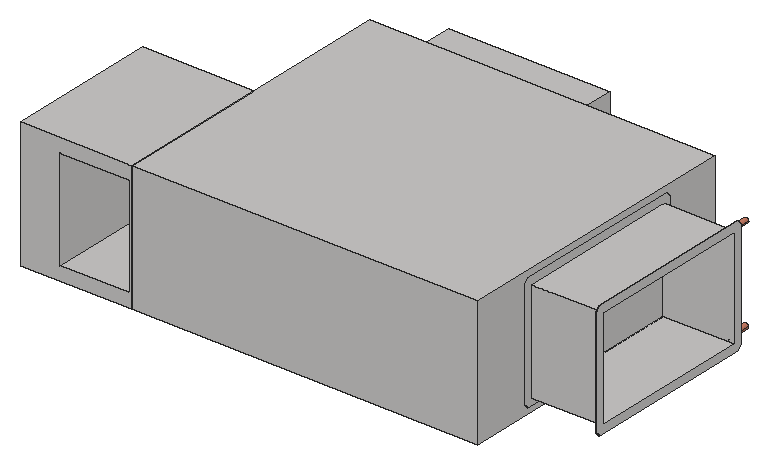
Revit family
Parameters
  Width = 3' - 1"
  Voltage = 120 V
  Unit Weight = if(and(Size Option = 1, Number of Rows = 1), "189.0 lbs", if(and(Size Option = 1, Number of Rows = 2), "192.0 lbs", if(and(Size Option = 2, Number of Rows = 1), "194.0 lbs", if(and(Size Option = 2, Number of Rows = 2), "197.0 lbs", "0"))))  # "194.0 lbs"
  UltraLoc Liner = Choose Liner Option = 3  # no
  URL = "http://www.titus-hvac.com/"
  UL = "181"
  Supply Air Flow [instance] = 0 CFM
  SteriLoc Liner = Choose Liner Option = 2  # no
  Size Option = 2
  Size C = Size Option = 2  # yes
  Size B = Size Option = 1  # no
  Secondary Material = Copper Connectors
  Primary Air Pressure Drop [instance] = 0.00 in-wg
  Primary Air Flow [instance] = 0 CFM
  Pressure [instance] = 0.00 psi
  Plenum Air Pressure Drop [instance] = 0.00 in-wg
  Plenum Air Flow [instance] = 0 CFM
  Outlet Width = 1' - 8 1/2"
  Outlet Height = 1' - 0 1/2"
  Number of Rows = 1
  Number of Poles = 1
  Nominal Width = Width + 0' 6 1/4"  # 3' - 7 1/4"
  Nominal Length = Length + 1' 1 7/8" + 0' 9"  # 5' - 5 7/8"
  Nominal Inlet Size = 0' - 10"
  Nominal Height = 1' - 4"
  NFPA = "90A"
  Motor Full Load Amps [instance] = 4 A
  Model = "DTFS-F"
  Min. Air Flow = 0 CFM
  Max. Air Flow = 1400 CFM
  Material = Galvanized Steel
  Manufacturer = "Titus"
  Length = 3' - 7"
  Juction Box Offset = 0' - 4 7/8"
  Inlet Diameter = Nominal Inlet Size - 0' 0 1/8"  # 0' - 9 7/8"
  Induced Air Inlet Width = 1' - 1 7/8"
  Induced Air Inlet Offset = (Height - Induced Air Inlet Connection Height) / 2  # 0' - 1 11/16"
  Induced Air Inlet Height = 1' - 7"
  Induced Air Inlet Connection Width = 0' - 8 3/4"
  Induced Air Inlet Connection Height = 1' - 0 5/8"
  Induced Air Filter = no
  Height = 1' - 4"
  Heating Total Capacity [instance] = 0 Btu/h
  Heating Entering Water Temp = 0 °F
  Half Outlet Connection Width = Outlet Width / 2  # 0' - 10 1/4"
  Half Outlet Connection Height = Outlet Height / 2  # 0' - 6 1/4"
  Half Height Start = -(Height / 2)  # -0' - 8"
  Half Height End = Height / 2  # 0' - 8"
  HWC Option = HWC Section : B-C - 1 Row
  HWC Connector Radius = 5/16"
  HP-Motor = "1/4"
  Gallons Per Minute [instance] = 0 GPM
  Frequency = 60 Hz
  Flange Offset = 0' - 1"
  Filter Size = "11\"x14\""
  Fiber Free Liner = Choose Liner Option = 1  # no
  Fan Disconnect Switch = no
  Duct Radius = Nominal Inlet Size / 2  # 0' - 5"
  Description = "Ultra Quiet Series Fan Powered Terminal Unit, Direct Digital Control, Pressure Independent"
  Connector Vertical Offset = 0' - 11 3/4"
  HWC Connector Length = 0' - 3"
  Connector Horizontal Offset = if(Number of Rows = 1, 0' 0", if(Number of Rows = 2, 0' 1", 0' 0"))  # 0' - 0"
  Connection Void Radius = Connection Radius - 0' 0 1/4"  # 0' - 4 11/16"
  Connection Radius = Inlet Diameter / 2  # 0' - 4 15/16"
  Choose Liner Option = 0
  CADworks URL = "www.CADworks.net"
  Assembly Code = "D3040100"
  Apparent Power [instance] = Voltage * Motor Full Load Amps  # 480 VA
  Air Inlet Offset = 0' - 7"
  1/2" Fiberglass Liner = Choose Liner Option = 0  # yes
  1" Fiberglass Liner = Choose Liner Option = 4  # no
Reference planes (in)
  plane 1 "Center (Front/Back)": y = 0
  plane 2: z = 0
  plane 3 "Center (Left/Right)": x = 3
  plane 4: x = -18.5
  plane 5: x = 24.5
  plane 6: x = -13.625
  plane 7: x = -21.875
  plane 8: z = 0
  plane 9: y = -18.5
  plane 10: y = 18.5
  plane 11: y = 11.5
  plane 12: z = 0
  plane 13: x = 33.5
  plane 14: x = 32.5
  plane 15: y = 13.25
  plane 16: y = 10.25
  plane 17: z = 5.875
  plane 18: z = -5.875
  plane 19: x = 32.5
  plane 20: y = 24.75
  plane 21: x = -32.375
  plane 22: z = 8
  plane 23: z = -8
Forms (in)
  Extrusion 1, solid, material "Galvanized Steel" <- "Material"
    sketch origin (0, 0, 0) x (1, 0, 0) y (0, 1, 0)
      loop
        line (-18.5, 18.5) -> (-18.5, -18.5) -> (24.5, -18.5) -> (24.5, 18.5) -> (-18.5, 18.5)
    from -8 <- "Half Height Start" to 8 <- "Half Height End"
  Extrusion 2, solid, material "Galvanized Steel" <- "Material"
    sketch origin (0, 0, 0) x (1, 0, 0) y (0, 1, 0)
      loop
        line (-32.375, 0.5) -> (-32.375, -18.5) -> (-18.5, -18.5) -> (-18.5, 0.5) -> (-32.375, 0.5)
    from -8 <- "Half Height Start" to 8 <- "Half Height End"
  Extrusion 3, void
    sketch origin (0, -18.5, 0) x (1, 0, 0) y (0, 0, -1)
      loop
        line (-18.75, 6.3125) -> (-27.5, 6.3125) -> (-27.5, -6.3125) -> (-18.75, -6.3125) -> (-18.75, 6.3125)
    from 0 to 16
  Extrusion 4, solid, material "Galvanized Steel" <- "Material"
    sketch origin (5, 0, 30) x (1, 0, 0) y (0, 1, 0)
      loop
        line (-18.625, 18.5) -> (1.375, 18.5) -> (1.375, 24.75) -> (-18.625, 24.75) -> (-18.625, 18.5)
    from -36 to -24
  Extrusion 5, solid, material "Galvanized Steel" <- "Material"
    sketch origin (-24.875, -2, 0) x (0, 0, -1) y (0, 1, 0)
      loop
        circle (0, 13.5) r 4.9375
    from 3 to 6.375
  Extrusion 6, void
    sketch origin (-24.875, 0, 0) x (0, 1, 0) y (0, 0, 1)
      loop
        circle (11.5, 0) r 4.6875
    from 3 to 11.25
  Extrusion 7, void, detail levels fine
    sketch origin (33.5, -10.25, 6.25) x (0, 0, 1) y (0, -1, 0)
      loop
        line (-12.5, 0) -> (-12.5, -20.5) -> (0, -20.5) -> (0, 0) -> (-12.5, 0)
    from -0.0625 to 0
  Extrusion 8, solid, material "Copper Connectors" <- "Secondary Material", detail levels fine
    sketch origin (0, 0, 0) x (1, 0, 0) y (0, 0, 1)
      loop
        circle (32.5, 5.875) r 0.3125
    from -13.25 to -10.3125
  Extrusion 9, solid, material "Copper Connectors" <- "Secondary Material", detail levels fine
    sketch origin (0, 0, 0) x (1, 0, 0) y (0, 0, 1)
      loop
        circle (32.5, -5.875) r 0.3125
    from -13.25 to -10.3125
Cuts and joins
  Extrusion 3 cuts Extrusion 2
  Extrusion 6 cuts Extrusion 1
  Extrusion 6 cuts Extrusion 5
Dimensions and locks (in)
  "Length": plane 5 to plane 4
  equal spacing: plane 5, plane 3 "Center (Left/Right)", plane 4
  locked: Extrusion 4 to plane 6 at 0
  locked: Extrusion 4 to Extrusion 4 at 20
  "Juction Box Offset": plane 6 to plane 4
  locked: plane 4 to plane 7 at 3.375
  "Width": plane 9 to plane 10
  equal spacing: plane 9, plane 1 "Center (Front/Back)", plane 10
  locked: Extrusion 5 sketch curve to level at 0
  locked: Extrusion 5 sketch curve to plane 11 at 0
  locked: Extrusion 6 sketch curve to level at 0
  locked: Extrusion 6 sketch curve to plane 11 at 0
  locked: Extrusion 4 to Extrusion 4 at 6.25
  locked: Extrusion 4 to Extrusion 4 at 12
  equal spacing: Extrusion 4, plane 8, Extrusion 4
  "Air Inlet Offset": plane 10 to plane 11
  "Induced Air Inlet Height": cut or joined group of Extrusion 2, Extrusion 3 to cut or joined group of Extrusion 2, Extrusion 3
  locked: cut or joined group of Extrusion 5, Extrusion 6 to cut or joined group of Extrusion 5, Extrusion 6 at 3.375
  "Induced Air Inlet Connection Height": Extrusion 3 sketch curve to Extrusion 3 sketch curve
  "Induced Air Inlet Offset": Extrusion 3 sketch curve to cut or joined group of Extrusion 2, Extrusion 3
  "Induced Air Inlet Connection Width": Extrusion 3 sketch curve to Extrusion 3 sketch curve
  locked: Extrusion 3 sketch curve to cut or joined group of Extrusion 1, Extrusion 6 at 0.25
  locked: plane 5 to plane 13 at 9
  locked: plane 14 to plane 13 at 1
  locked: plane 17 to plane 18 at 11.75
  equal spacing: plane 17, plane 12, plane 18
  "Connector Horizontal Offset": plane 19 to plane 14
  "HWC Connector Length": plane 16 to plane 15
  locked: cut or joined group of Extrusion 2, Extrusion 3 to cut or joined group of Extrusion 2, Extrusion 3 at 16
  equal spacing: cut or joined group of Extrusion 2, Extrusion 3, plane 12, cut or joined group of Extrusion 2, Extrusion 3
  locked: cut or joined group of Extrusion 1, Extrusion 6 to cut or joined group of Extrusion 2, Extrusion 3 at 16
  equal spacing: cut or joined group of Extrusion 1, Extrusion 6, plane 12, cut or joined group of Extrusion 1, Extrusion 6
  locked: cut or joined group of Extrusion 2, Extrusion 3 to cut or joined group of Extrusion 2, Extrusion 3 at 13.875
  locked: nested 1 to cut or joined group of Extrusion 1, Extrusion 6 at 1.6875
  locked: cut or joined group of Extrusion 1, Extrusion 6 to nested 1 at 1.6875
  "Connection Radius": radius of Extrusion 5 sketch curve
  "Connection Void Radius": radius of Extrusion 6 sketch curve
  "HWC Connector Radius": radius of Extrusion 8 sketch curve
  "HWC Connector Radius": radius of Extrusion 9 sketch curve
  aligned and locked: plane 10 to Extrusion 4
  aligned and locked: plane 7 to cut or joined group of Extrusion 5, Extrusion 6
  aligned and locked: plane 9 to cut or joined group of Extrusion 2, Extrusion 3  (x3)
  aligned and locked: nested 1 to Extrusion 8
  aligned and locked: plane 15 to Extrusion 8
  aligned and locked: nested 1 to Extrusion 9
  aligned and locked: plane 15 to Extrusion 9
  aligned and locked: plane 5 to cut or joined group of Extrusion 1, Extrusion 6
  aligned and locked: cut or joined group of Extrusion 1, Extrusion 6 to plane 10
  aligned and locked: plane 9 to cut or joined group of Extrusion 1, Extrusion 6
  aligned and locked: cut or joined group of Extrusion 1, Extrusion 6 to plane 4
  aligned and locked: cut or joined group of Extrusion 1, Extrusion 6 to nested 1
  aligned and locked: cut or joined group of Extrusion 5, Extrusion 6 to cut or joined group of Extrusion 1, Extrusion 6
  aligned and locked: cut or joined group of Extrusion 2, Extrusion 3 to cut or joined group of Extrusion 1, Extrusion 6
  aligned and locked: plane 22 to cut or joined group of Extrusion 2, Extrusion 3
  aligned and locked: plane 22 to cut or joined group of Extrusion 1, Extrusion 6
  aligned and locked: plane 23 to cut or joined group of Extrusion 2, Extrusion 3
  aligned and locked: plane 23 to cut or joined group of Extrusion 1, Extrusion 6
  aligned and locked: plane 20 to Extrusion 4
  aligned and locked: plane 21 to cut or joined group of Extrusion 2, Extrusion 3
  aligned and locked: plane 13 to nested 1
  aligned and locked: plane 6 to Extrusion 6
  aligned and locked: Extrusion 6 to plane 7
Automatic sketch dimensions
  Extrusion 1 sketch curve to plane 4 = 0' - 0"
  Extrusion 1 sketch curve to plane 5 = 0' - 0"
  Extrusion 1 sketch curve to plane 9 = 0' - 0"
  Extrusion 1 sketch curve to plane 10 = 0' - 0"
  Extrusion 2 sketch curve to plane 4 = 0' - 0"
  Extrusion 2 sketch curve to plane 9 = 0' - 0"
  Extrusion 2 sketch curve to plane 1 "Center (Front/Back)" = 0' - 0 1/2"
  Extrusion 4 sketch curve to plane 6 = 0' - 0"
  Extrusion 4 sketch curve to plane 10 = 0' - 0"
  plane 3 "Center (Left/Right)" to Extrusion 4 sketch curve = 0' - 3 3/8"
  Extrusion 4 sketch curve to plane 10 = 0' - 6 1/4"
  Extrusion 2 sketch curve to plane 7 = 0' - 10 1/2"
  Extrusion 7 sketch curve to nested 1 = 0' - 0"  (x4)
  Extrusion 8 sketch curve to plane 17 = 0' - 0"
  Extrusion 8 sketch curve to plane 19 = 0' - 0"
  Extrusion 9 sketch curve to plane 14 = 0' - 0"
  Extrusion 9 sketch curve to plane 18 = 0' - 0"
Nested families (in)
  nested 1: "HWC Section" at (29, 0, 0) x (0, 1, 0) z (0, 0, 1), type <- "HWC Option", type "B-C - 1 Row"
Connectors (in)
  electrical at (-3.625, 24.75, 0), driven by "Apparent Power", driven by "Voltage", driven by "Number of Poles"
    settings: on Extrusion 4, index 8
  hvac at (-21.875, 11.5, 0), driven by "Duct Radius", driven by "Primary Air Pressure Drop", driven by "Primary Air Flow"
    settings: on cut or joined group of Extrusion 5, Extrusion 6, index 9
  hvac at (-23.125, -18.5, 0), driven by "Induced Air Inlet Connection Height", driven by "Induced Air Inlet Connection Width", driven by "Plenum Air Pressure Drop", driven by "Plenum Air Flow"
    settings: on cut or joined group of Extrusion 2, Extrusion 3, index 10
  hvac at (33.5, 0, 0), driven by "Outlet Height", driven by "Outlet Width", driven by "Supply Air Flow"
    settings: on Extrusion 7, index 11
  piping at (32.5, 13.25, 5.875), driven by "Gallons Per Minute", driven by "Pressure", driven by "HWC Connector Radius"
    settings: on Extrusion 8, index 12
  piping at (32.5, 13.25, -5.875), driven by "Gallons Per Minute", driven by "HWC Connector Radius", driven by "Pressure"
    settings: on Extrusion 9, index 13
Definition of nested family "HWC Section"
  Parameters (values of type "B-C - 1 Row")
    Visibility = yes
    Secondary Material = Copper Connectors
    Number of Rows = 1
    Material = Galvanized Steel
    Half Width = HWC Width / 2  # 0' - 10 1/4"
    Half Length-Start = -(HWC Length / 2)  # -0' - 4 1/2"
    Half Length-End = HWC Length / 2  # 0' - 4 1/2"
    HWC Connection Radius = 5/16"
    Flange Offset = 0' - 1"
    Duct Vertical Offset = HWC Height - 0' 0 1/2"  # 1' - 0"
    Duct Horizontal Offset = HWC Width - 0' 0 1/2"  # 1' - 8"
    Connector Vertical Offset = 0' - 11 3/4"
    HWC Width = 1' - 8 1/2"
    HWC Height = 1' - 0 1/2"
    HWC Length = 0' - 9"  # constant formula
    Gallons Per Minute = 0 GPM
    Connector Length = 0' - 3"
    Connector Horizontal Offset = 0' - 0"
  Types (5): name | Number of Rows | Half Width | Flange Offset | Duct Vertical Offset | Duct Horizontal Offset | Connector Vertical Offset | HWC Width | HWC Height | Connector Horizontal Offset
    (no name) | 1 | 0' - 10 1/4" | 0' - 1" | 1' - 0" | 1' - 8" | 0' - 11 3/4" | 1' - 8 1/2" | 1' - 0 1/2" | 0' - 0"
    B-C - 1 Row | 1 | 0' - 10 1/4" | 0' - 1" | 1' - 0" | 1' - 8" | 0' - 11 3/4" | 1' - 8 1/2" | 1' - 0 1/2" | 0' - 0"
    B-C - 2 Row | 2 | 0' - 10 1/4" | 0' - 1" | 1' - 0" | 1' - 8" | 0' - 11 3/4" | 1' - 8 1/2" | 1' - 0 1/2" | 0' - 1"
    D-E - 1 Row | 1 | 1' - 0 1/2" | 0' - 1 1/4" | 1' - 5" | 2' - 0 1/2" | 1' - 4 1/4" | 2' - 1" | 1' - 5 1/2" | 0' - 0"
    D-E - 2 Row | 2 | 1' - 0 1/2" | 0' - 1 1/4" | 1' - 5" | 2' - 0 1/2" | 1' - 4 3/4" | 2' - 1" | 1' - 5 1/2" | 0' - 1"
  Reference planes (in)
    plane 1 "Center (Front/Back)": y = 0
    plane 2: z = 0
    plane 3 "Center (Left/Right)": x = 0
    plane 4: x = -10.25
    plane 5: x = 10.25
    plane 6: y = 4.5
    plane 7: y = -4.5
    plane 8: z = 6.25
    plane 9: z = -6.25
    plane 10: z = 5.875
    plane 11: z = -5.875
    plane 12: y = 3.5
    plane 13: y = 3.5
    plane 14: x = 13.25
  Forms (in)
    Extrusion 1, solid, material "Galvanized Steel" <- "Material", visible <- "Visibility"
      sketch origin (0, 0, 0) x (1, 0, 0) y (0, 0, 1)
        loop
          line (-10.3125, 6.3125) -> (-10.3125, -6.3125) -> (10.3125, -6.3125) -> (10.3125, 6.3125) -> (-10.3125, 6.3125)
      from -4.375 <- "Half Length-Start" to 4.5 <- "Half Length-End"
    Extrusion 2, void, detail levels fine
      sketch origin (0, 0, 0) x (1, 0, 0) y (0, 0, 1)
        loop
          line (-10.25, -6.25) -> (10.25, -6.25) -> (10.25, 6.25) -> (-10.25, 6.25) -> (-10.25, -6.25)
      from -4.5 <- "Half Length-Start" to 4.5 <- "Half Length-End"
    Extrusion 3, solid, material "Copper Connectors" <- "Secondary Material", visible <- "Visibility"
      sketch origin (6, 2.625, 0) x (0, 1, 0) y (0, 0, 1)
        loop
          circle (0.875, -5.875) r 0.3125
      from 4.3125 to 7.25
    Extrusion 4, solid, material "Galvanized Steel" <- "Material", visible <- "Visibility"
      sketch origin (0, -4.375, 0) x (1, 0, 0) y (0, 0, 1)
        loop
          line (-10.25, 6.25) -> (-10.25, -6.25) -> (10.25, -6.25) -> (10.25, 6.25) -> (-10.25, 6.25)
        loop
          line (-11.25, 6.75) -> (-11.25, -6.75) -> (-10.75, -7.25) -> (10.75, -7.25) -> (11.25, -6.75) -> (11.25, 6.75) -> (10.75, 7.25) -> (-10.75, 7.25) -> (-11.25, 6.75)
      from 0 to 0.125
    Extrusion 5, solid, material "Copper Connectors" <- "Secondary Material", visible <- "Visibility"
      sketch origin (6, -0.5, 0) x (0, 1, 0) y (0, 0, 1)
        loop
          circle (4, 5.875) r 0.3125
      from 4.3125 to 7.25
    Extrusion 6, solid, material "Galvanized Steel" <- "Material", visible <- "Visibility"
      sketch origin (0, 4.375, 0) x (1, 0, 0) y (0, 0, -1)
        loop
          line (-10.25, -6.25) -> (10.25, -6.25) -> (10.25, 6.25) -> (-10.25, 6.25) -> (-10.25, -6.25)
        loop
          line (-11.25, -6.75) -> (-10.75, -7.25) -> (10.75, -7.25) -> (11.25, -6.75) -> (11.25, 6.75) -> (10.75, 7.25) -> (-10.75, 7.25) -> (-11.25, 6.75) -> (-11.25, -6.75)
      from 0 to 0.125
  Cuts and joins
    Extrusion 2 cuts Extrusion 1
    joined: Extrusion 1, Extrusion 4, Extrusion 6
  Dimensions and locks (in)
    "HWC Width": plane 4 to plane 5
    equal spacing: plane 4, plane 3 "Center (Left/Right)", plane 5
    "HWC Height": plane 8 to plane 9
    equal spacing: plane 8, plane 2, plane 9
    equal spacing: plane 10, plane 2, plane 11
    locked: plane 12 to plane 6 at 1
    "Connector Horizontal Offset": plane 13 to plane 12
    locked: plane 7 to Extrusion 4 at 0.125
    locked: Extrusion 6 to plane 6 at 0.125
    locked: plane 4 to Extrusion 1 sketch curve at 0.0625
    locked: Extrusion 4 to Extrusion 1 sketch curve at 0.0625
    locked: Extrusion 1 sketch curve to plane 8 at 0.0625
    locked: plane 9 to Extrusion 1 sketch curve at 0.0625
    "Connector Length": plane 5 to plane 14
    "HWC Length": plane 6 to plane 7
    equal spacing: plane 6, plane 1 "Center (Front/Back)", plane 7
    "Connector Vertical Offset": plane 10 to plane 11
    equal spacing: plane 10, level, plane 11
    "HWC Width": Extrusion 4 sketch curve to Extrusion 4 sketch curve
    equal spacing: Extrusion 4 sketch curve, plane 3 "Center (Left/Right)", Extrusion 4 sketch curve
    "HWC Height": Extrusion 4 sketch curve to Extrusion 4 sketch curve
    equal spacing: Extrusion 4 sketch curve, plane 2, Extrusion 4 sketch curve
    "Flange Offset": cut or joined group of Extrusion 1, Extrusion 2, Extrusion 4, Extrusion 6 to plane 8
    "Flange Offset": plane 9 to cut or joined group of Extrusion 1, Extrusion 2, Extrusion 4, Extrusion 6
    locked: cut or joined group of Extrusion 1, Extrusion 2, Extrusion 4, Extrusion 6 to plane 4 at 1  (x2)
    locked: cut or joined group of Extrusion 1, Extrusion 2, Extrusion 4, Extrusion 6 to plane 5 at 1  (x2)
    "HWC Width": Extrusion 6 sketch curve to Extrusion 6 sketch curve
    "HWC Height": Extrusion 6 sketch curve to Extrusion 6 sketch curve
    equal spacing: Extrusion 6 sketch curve, plane 3 "Center (Left/Right)", Extrusion 6 sketch curve
    equal spacing: Extrusion 6 sketch curve, plane 2, Extrusion 6 sketch curve
    "HWC Height": Extrusion 2 sketch curve to Extrusion 2 sketch curve
    "HWC Width": Extrusion 2 sketch curve to Extrusion 2 sketch curve
    equal spacing: Extrusion 2 sketch curve, plane 3 "Center (Left/Right)", Extrusion 2 sketch curve
    equal spacing: Extrusion 2 sketch curve, plane 2, Extrusion 2 sketch curve
    locked: plane 5 to Extrusion 3 at 0.0625
    locked: plane 5 to Extrusion 5 at 0.0625
    "Flange Offset": Extrusion 6 sketch curve to plane 8  (x2)
    "Flange Offset": plane 9 to Extrusion 6 sketch curve  (x2)
    "HWC Connection Radius": radius of Extrusion 3 sketch curve
    "HWC Connection Radius": radius of Extrusion 5 sketch curve
    aligned and locked: plane 7 to Extrusion 4
    aligned and locked: plane 6 to Extrusion 6
    aligned and locked: plane 14 to Extrusion 5
    aligned and locked: plane 14 to Extrusion 3
    aligned and locked: Extrusion 6 to cut or joined group of Extrusion 1, Extrusion 2, Extrusion 4, Extrusion 6
    aligned and locked: Extrusion 4 to Extrusion 4
  Automatic sketch dimensions
    Extrusion 3 sketch curve to plane 11 = 0' - 0"
    Extrusion 3 sketch curve to plane 12 = 0' - 0"
    plane 4 to Extrusion 4 sketch curve = 0' - 1"
    plane 4 to Extrusion 4 sketch curve = 0' - 0 1/2"  (x2)
    Extrusion 4 sketch curve to plane 5 = 0' - 0 1/2"  (x2)
    Extrusion 4 sketch curve to Extrusion 4 sketch curve = 0' - 0 1/2"  (x3)
    Extrusion 4 sketch curve to plane 9 = 0' - 0 1/2"  (x2)
    plane 8 to Extrusion 4 sketch curve = 0' - 0 1/2"  (x2)
    Extrusion 5 sketch curve to plane 10 = 0' - 0"
    Extrusion 5 sketch curve to plane 13 = 0' - 0"
    plane 4 to Extrusion 6 sketch curve = 0' - 1"
    plane 4 to Extrusion 6 sketch curve = 0' - 0 1/2"  (x2)
    Extrusion 6 sketch curve to plane 5 = 0' - 0 1/2"  (x2)
    Extrusion 6 sketch curve to Extrusion 6 sketch curve = 0' - 0 1/2"  (x2)
    plane 8 to Extrusion 6 sketch curve = 0' - 0 1/2"  (x2)
    Extrusion 6 sketch curve to plane 9 = 0' - 0 1/2"
